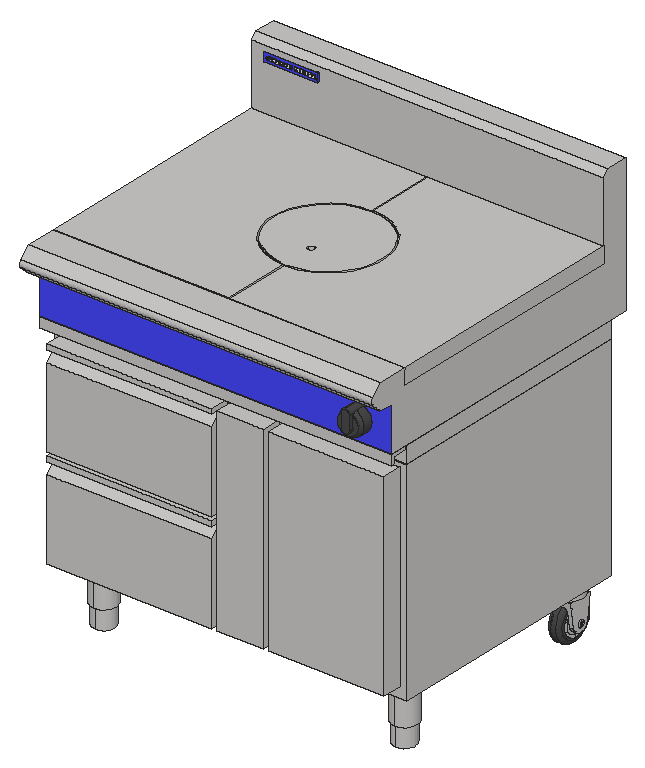
Revit family "QF_MOFFAT_BLUESEAL_CE_G57-RB", category Specialty Equipment, Revit 2012
Parameters
  Width = 900 mm
  Weight in Pounds = 489
  Watts = Volts * FL Amps  # 414 W
  Volts = 230 V
  URL Cutsheet = "www.moffat.com"
  URL = "www.moffat.com"
  Type Mark [instance] = ""
  Status [instance] = ""
  Specification by User [instance] = ""
  Specification by Manufacturer = ""
  Show Logo [instance] = yes
  Show Clearance [instance] = yes
  Show Casters [instance] = yes
  Serial Number = ""
  Seismic Rating = ""
  SMACNA No = ""
  Revision Code [instance] = ""
  Phase = 1
  Omniclass Number and Title = ""
  Number of Poles [instance] = 1
  NAFEM Spec ID Number = ""
  Model = "G57-RB"
  Min Ckt Ampacity = 0 A
  Mechanical Remarks = ""
  Mechanical Connection Type [instance] = ""
  Max Overcurrent Protection = 0 A
  Masterspec = ""
  Manufacturer = "MOFFAT BLUESEAL"
  Legs [instance] = not(Show Casters)  # no
  Item Number [instance] = ""
  Installed By [instance] = ""
  Identify Quantity as Lot [instance] = yes
  Height = 1085 mm
  HP = ""
  Gas Size = 3/4"
  Gas RI Height [instance] = 0 mm
  Gas KW [instance] = 12.5
  Gas Input [instance] = 42651.0 Btu/h
  Gas Connection Height = 0 mm
  Furnished By [instance] = ""
  Foodservice Equipment Identifier [instance] = yes
  FL Amps = 1.8 A
  Electrical Remarks = ""
  Electric Connection Type = ""
  Elec Conn RI Height = 0 mm
  Elec Conn Connection Height = 0 mm
  Description = "900MM GAS TARGET TOP ON REFRIGERATED BASE"
  Depth = 812 mm
  Cycle = 50 Hz
  Conn Plug = ""
  Conn Conduit = yes
  CSI MasterFormat = ""
  CSI Master Format = ""
  Apparent Power = 0 VA
Reference planes
  plane 1 "BACK": y = 0
  plane 2: z = 0
  plane 3 "LEFT": x = 0
  plane 4 "RIGHT": x = 900
  plane 5 "FRONT": y = -812
  plane 6 "TOP": z = 970
  plane 7 "Center Y": x = 450
  plane 8 "Center X": y = -406
  plane 9: x = 280
  plane 10: y = -574.272
  plane 11: x = 60
  plane 12: y = -304.972
  plane 13: y = -364.972
  plane 14: x = 74
  plane 15: x = 834.5
  plane 16: y = -32
  plane 17: z = 655
  plane 18: z = 1085
Forms (mm)
  Extrusion 1, solid, material "QF_Finishes_Stainless Steel"
    sketch origin (0, 0, 0) x (0, 1, 0) y (0, 0, 1)
      loop
        line (0, 1085) -> (-57, 1085) -> (-70, 1072) -> (-70, 875) -> (-705, 875) -> (-705, 915) -> (-783.97, 915) -> (-808.503, 890.467)
        arc (-808.503, 890.467) -> (-812.01, 882) -> (-808.503, 873.533) r 11.974
        line (-808.503, 873.533) -> (-784.97, 850) -> (-749, 850) -> (-749, 736.219) -> (0, 736.219) -> (0, 1085)
      loop
        line (-699, 150) -> (-47, 150) -> (-47, 690.402) -> (-699, 690.402) -> (-699, 150)
      loop
        line (-749, 710) -> (-740.224, 710) -> (-742.613, 726.999) -> (-707.93, 726.999) -> (-707.93, 734.003) -> (-749, 734.003) -> (-749, 710)
      loop
        line (-699, 734.003) -> (-699, 691.402) -> (-47, 691.402) -> (-47, 734.003) -> (-699, 734.003)
    from 0 to 900
  Extrusion 2, solid, material "QF_Finishes_Stainless Steel"
    sketch origin (0, 0, 0) x (0, 1, 0) y (0, 0, 1)
      loop
        line (-70, 915) -> (-705, 915) -> (-705, 875) -> (-70, 875) -> (-70, 915)
    from 0 to 900
  Revolve 3, solid, material "QF_Finishes_Black"
    sketch origin (824.351, 45.874, 0) x (0, 1, 0) y (0, 0, 1)
      loop
        line (-827.874, 829.5) -> (-838.874, 823.651) -> (-838.874, 797) -> (-794.874, 797) -> (-794.874, 802) -> (-804.874, 802) -> (-804.874, 829.5) -> (-827.874, 829.5)
      axis (-838.874, 797) -> (-794.874, 797)
    angle from 0 to 360
  Extrusion 4, solid, material "QF_Finishes_Black"
    sketch origin (676.544, 7, 0) x (1, 0, 0) y (0, 0, 1)
      loop
        line (158.3, 789) -> (158.3, 824)
        arc (158.3, 824) -> (148.3, 834) -> (138.3, 824) r 10
        line (138.3, 824) -> (138.3, 789)
        arc (138.3, 789) -> (148.3, 779) -> (158.3, 789) r 10
    from 759 to 808
  Extrusion 5, void
    sketch origin (0, -72.734, 915) x (1, 0, 0) y (0, -1, 0)
      loop
        line (447.967, 173.281) -> (447.967, -2.734) -> (452.2, -2.734) -> (452.2, 173.283)
        arc (452.2, 173.283) -> (592.5, 315.967) -> (451.798, 458.255) r 142.5
        line (451.798, 458.255) -> (451.798, 632.266) -> (447.7, 632.266) -> (447.7, 458.248)
        arc (447.7, 458.248) -> (307.5, 315.632) -> (447.967, 173.281) r 142.5
      loop
        circle (450, 315.766) r 138
      loop
        circle (450, 370.766) r 8.75
    from 0 to 10
  Revolve 6, solid, material "QF_Finishes_Stainless Steel"
    sketch origin (834.5, -696.126, 0) x (0, 1, 0) y (0, 0, -1)
      loop
        line (39.376, -150) -> (71.126, -150) -> (71.126, 0) -> (43.626, 0) -> (43.626, -50) -> (39.376, -50) -> (39.376, -150)
      axis (71.126, -150) -> (71.126, 0)
    angle from 0 to 360
  Revolve 7, solid, material "QF_Finishes_Stainless Steel"
    sketch origin (65.5, -696.126, 0) x (0, 1, 0) y (0, 0, 1)
      loop
        line (39.376, 150) -> (39.376, 50) -> (43.626, 50) -> (43.626, 0) -> (71.126, 0) -> (71.126, 150) -> (39.376, 150)
      axis (71.126, 150) -> (71.126, 0)
    angle from 0 to 360
  Extrusion 8, solid, material "QF_Finishes_Stainless Steel"
    sketch origin (-64.5, 0, 325) x (1, 0, 0) y (0, 1, 0)
      loop
        circle (834.5, -32) r 10
    from 330 to 411.219
  Extrusion 9, solid, material "QF_Finishes_Stainless Steel", visible <- "Show Casters"
    sketch origin (71.501, 133.353, -8.783) x (0, 1, 0) y (0, 0, 1)
      loop
        line (-201.603, 118.783) -> (-265.103, 118.783) -> (-252.746, 53.895)
        arc (-252.746, 53.895) -> (-233.353, 38.783) -> (-213.959, 53.895) r 20
        line (-213.959, 53.895) -> (-201.603, 118.783)
    from -35.667 to 22.923
  Revolve 10, solid, material "QF_Finishes_Stainless Steel", visible <- "Show Casters"
    sketch origin (65, -203, 0) x (0, 1, 0) y (0, 0, 1)
      loop
        line (67.25, 150) -> (67.25, 110) -> (103, 110) -> (103, 150) -> (67.25, 150)
      axis (103, 150) -> (103, 110)
    angle from 0 to 360
  Revolve 11, solid, material "QF_Finishes_Stainless Steel", visible <- "Show Casters"
    sketch origin (834.5, -203, 0) x (0, 1, 0) y (0, 0, -1)
      loop
        line (67.25, -150) -> (103, -150) -> (103, -110) -> (67.25, -110) -> (67.25, -150)
      axis (103, -150) -> (103, -110)
    angle from 0 to 360
  Revolve 12, solid, material "QF_Finishes_Stainless Steel", visible <- "Show Casters"
    sketch origin (785.276, -99.755, -13.653) x (1, 0, 0) y (0, 0, 1)
      loop
        line (14.841, 64.453) -> (83.584, 64.453) -> (83.584, 67.958) -> (82.314, 69.228) -> (80.79, 69.228) -> (80.79, 72.674) -> (68.644, 72.674) -> (68.644, 82.639) -> (65.088, 84.692) -> (63.738, 93.028) -> (65.881, 93.028) -> (65.881, 99.378) -> (65.088, 99.378) -> (65.088, 105.728)
        arc (65.088, 105.728) -> (62.298, 112.463) -> (55.563, 115.253) r 9.525
        line (55.563, 115.253) -> (42.863, 115.253)
        arc (42.863, 115.253) -> (36.127, 112.463) -> (33.338, 105.728) r 9.525
        line (33.338, 105.728) -> (33.338, 99.378) -> (32.544, 99.378) -> (32.544, 93.028) -> (34.687, 93.028) -> (33.352, 84.781) -> (29.782, 82.719) -> (29.782, 72.674) -> (17.635, 72.674) -> (17.635, 69.228) -> (16.111, 69.228) -> (14.841, 67.958) -> (14.841, 64.453)
      axis (14.841, 64.453) -> (83.584, 64.453)
    angle from 0 to 360
  Extrusion 13, solid, material "QF_Finishes_Stainless Steel", visible <- "Show Casters"
    sketch origin (841.001, 133.353, -8.783) x (0, 1, 0) y (0, 0, 1)
      loop
        line (-201.603, 118.783) -> (-265.103, 118.783) -> (-252.746, 53.895)
        arc (-252.746, 53.895) -> (-233.353, 38.783) -> (-213.959, 53.895) r 20
        line (-213.959, 53.895) -> (-201.603, 118.783)
    from -35.667 to 22.923
  Revolve 14, solid, material "QF_Finishes_Stainless Steel", visible <- "Legs"
    sketch origin (65, -165, 0) x (0, 1, 0) y (0, 0, 1)
      loop
        line (33.25, 150) -> (33.25, 50) -> (37.5, 50) -> (37.5, 0) -> (65, 0) -> (65, 150) -> (33.25, 150)
      axis (65, 150) -> (65, 0)
    angle from 0 to 360
  Revolve 15, solid, material "QF_Finishes_Stainless Steel", visible <- "Legs"
    sketch origin (834.5, -165, 0) x (0, 1, 0) y (0, 0, -1)
      loop
        line (33.25, -150) -> (65, -150) -> (65, 0) -> (37.5, 0) -> (37.5, -50) -> (33.25, -50) -> (33.25, -150)
      axis (65, -150) -> (65, 0)
    angle from 0 to 360
  Revolve 16, solid, material "QF_Finishes_Stainless Steel", visible <- "Show Casters"
    sketch origin (114.224, -99.755, -13.653) x (-1, 0, 0) y (0, 0, -1)
      loop
        line (14.841, -64.453) -> (14.841, -67.958) -> (16.111, -69.228) -> (17.635, -69.228) -> (17.635, -72.674) -> (29.782, -72.674) -> (29.782, -82.719) -> (33.352, -84.781) -> (34.687, -93.028) -> (32.544, -93.028) -> (32.544, -99.378) -> (33.338, -99.378) -> (33.338, -105.728)
        arc (33.338, -105.728) -> (36.127, -112.463) -> (42.863, -115.253) r 9.525
        line (42.863, -115.253) -> (55.563, -115.253)
        arc (55.563, -115.253) -> (62.298, -112.463) -> (65.088, -105.728) r 9.525
        line (65.088, -105.728) -> (65.088, -99.378) -> (65.881, -99.378) -> (65.881, -93.028) -> (63.738, -93.028) -> (65.088, -84.692) -> (68.644, -82.639) -> (68.644, -72.674) -> (80.79, -72.674) -> (80.79, -69.228) -> (82.314, -69.228) -> (83.584, -67.958) -> (83.584, -64.453) -> (14.841, -64.453)
      axis (14.841, -64.453) -> (83.584, -64.453)
    angle from 0 to 360
  Extrusion 17, solid, material "QF_Finishes_Stainless Steel"
    sketch origin (0, -47, 150) x (0, 0, 1) y (1, 0, 0)
      loop
        circle (270, 526) r 6.35
    from 0 to 1.6
  Extrusion 18, solid, material "QF_Finishes_Stainless Steel"
    sketch origin (0, 0, 0) x (0, 1, 0) y (0, 0, 1)
      loop
        line (-699, 678) -> (-747, 678) -> (-747, 665) -> (-715.13, 665) -> (-749, 636.579) -> (-749, 431) -> (-699, 431) -> (-699, 678)
      loop
        line (-749, 175) -> (-699, 175) -> (-699, 421) -> (-747, 421) -> (-747, 408) -> (-715.13, 408) -> (-749, 379.579) -> (-749, 175)
    from 17.986 to 440
  Extrusion 19, solid, material "QF_Finishes_Stainless Steel"
    sketch origin (723.5, 0, 0) x (0, 1, 0) y (0, 0, 1)
      loop
        line (-699, 678) -> (-749, 678) -> (-749, 175) -> (-699, 175) -> (-699, 678)
    from -270.5 to -150.5
  Extrusion 20, solid, material "QF_Door-Drawer Clearances", visible <- "Show Clearance", detail levels coarse
    sketch origin (0, -749, 676) x (0, 0, -1) y (1, 0, 0)
      loop
        line (501, 440) -> (255, 440) -> (255, 17.986) -> (501, 17.986) -> (501, 440)
      loop
        line (245, 440) -> (-2, 440) -> (-2, 17.986) -> (245, 17.986) -> (245, 440)
    from 0 to 304.8
  Extrusion 21, solid, material "QF_Finishes_Stainless Steel"
    sketch origin (1031.5, 0, 0) x (0, 1, 0) y (0, 0, 1)
      loop
        line (-699, 678) -> (-749, 678) -> (-749, 175) -> (-699, 175) -> (-699, 678)
    from -444.5 to -150.5
Cuts and joins
  Extrusion 5 cuts Extrusion 1
  Extrusion 5 cuts Extrusion 2
Lines and regions (mm)
  Split face 1
    outline origin (900, 0, 1085) x (-1, 0, 0) y (0, -1, 0)
      loop
        arc (856, 18.185) -> (864.66, 23.185) -> (864.66, 33.185) r 10
        line (864.66, 33.185) -> (860.619, 40.185)
        arc (860.619, 40.185) -> (856.959, 43.846) -> (851.959, 45.185) r 10
        line (851.959, 45.185) -> (624, 45.185)
        arc (624, 45.185) -> (615.34, 40.185) -> (615.34, 30.185) r 10
        line (615.34, 30.185) -> (619.381, 23.185)
        arc (619.381, 23.185) -> (623.041, 19.525) -> (628.041, 18.185) r 10
        line (628.041, 18.185) -> (856, 18.185)
  Split face 2
    outline origin (900, 0, 1085) x (-1, 0, 0) y (0, -1, 0)
      loop
        arc (566, 18.185) -> (574.66, 23.185) -> (574.66, 33.185) r 10
        line (574.66, 33.185) -> (570.619, 40.185)
        arc (570.619, 40.185) -> (566.959, 43.846) -> (561.959, 45.185) r 10
        line (561.959, 45.185) -> (334, 45.185)
        arc (334, 45.185) -> (325.34, 40.185) -> (325.34, 30.185) r 10
        line (325.34, 30.185) -> (329.381, 23.185)
        arc (329.381, 23.185) -> (333.041, 19.525) -> (338.041, 18.185) r 10
        line (338.041, 18.185) -> (566, 18.185)
  Split face 3
    outline origin (900, 0, 1085) x (-1, 0, 0) y (0, -1, 0)
      loop
        arc (276, 18.185) -> (284.66, 23.185) -> (284.66, 33.185) r 10
        line (284.66, 33.185) -> (280.619, 40.185)
        arc (280.619, 40.185) -> (276.959, 43.846) -> (271.959, 45.185) r 10
        line (271.959, 45.185) -> (44, 45.185)
        arc (44, 45.185) -> (35.34, 40.185) -> (35.34, 30.185) r 10
        line (35.34, 30.185) -> (39.381, 23.185)
        arc (39.381, 23.185) -> (43.041, 19.525) -> (48.041, 18.185) r 10
        line (48.041, 18.185) -> (276, 18.185)
  Split face 4
    outline origin (1031.5, -749, 676) x (0, 0, -1) y (1, 0, 0)
      loop
        line (291.62, -416.534) -> (481.62, -416.534) -> (481.62, -181.534) -> (291.62, -181.534) -> (291.62, -416.534)
  Split face 5
    outline origin (1031.5, -749, 931) x (0, 0, -1) y (1, 0, 0)
      loop
        line (291.62, -416.534) -> (356.62, -416.534) -> (356.62, -181.534) -> (291.62, -181.534) -> (291.62, -416.534)
  Split face 6
    outline origin (1031.5, -749, 807.725) x (0, 0, -1) y (1, 0, 0)
      loop
        line (307.841, -274.649) -> (342.841, -274.649) -> (342.841, -219.649) -> (307.841, -219.649) -> (307.841, -274.649)
  Split face 7
    outline origin (939.097, -749, 808.536) x (0, 0, -1) y (1, 0, 0)
      loop
        line (307.841, -274.649) -> (342.841, -274.649) -> (342.841, -239.649) -> (307.841, -239.649) -> (307.841, -274.649)
  symbolic lines
    curve 1: line (0, 0, 0) -> (0, -812, 0)
    curve 2: line (900, 0, 0) -> (0, 0, 0)
    curve 3: line (900, -812, 0) -> (900, 0, 0)
    curve 4: line (0, -70, 0) -> (900, -70, 0)
    curve 5: line (900, -812, 0) -> (0, -812, 0)
    curve 6: line (447.967, -72.734, 0) -> (447.967, -246.014, 0)
    curve 7: line (452.2, -246.017, 0) -> (452.2, -72.734, 0)
    curve 8: line (451.798, -705, 0) -> (451.798, -530.989, 0)
    curve 9: line (447.7, -530.981, 0) -> (447.7, -705, 0)
    curve 10: line (900, -72.734, 0) -> (0, -72.734, 0)
    curve 11: line (0, -705, 0) -> (900, -705, 0)
    curve 12: arc (452.2, -246.017, 0) -> (592.5, -388.701, 0) -> (451.798, -530.989, 0) r 142.5
    curve 13: arc (447.7, -530.981, 0) -> (307.5, -388.366, 0) -> (447.967, -246.014, 0) r 142.5
    curve 14: circle (450, -388.5, 0) r 138 normal (0, 0, 1)
    curve 15: arc (458.75, -443.5, 0) -> (450, -452.25, 0) -> (441.25, -443.5, 0) r 8.75
    curve 16: arc (441.25, -443.5, 0) -> (450, -434.75, 0) -> (458.75, -443.5, 0) r 8.75
    curve 17: line (900, -57, 0) -> (0, -57, 0)
    curve 18: line (276, -45.185, 0) -> (48.041, -45.185, 0)
    curve 19: arc (48.041, -45.185, 0) -> (43.041, -43.846, 0) -> (39.381, -40.185, 0) r 10
    curve 20: line (39.381, -40.185, 0) -> (35.34, -33.185, 0)
    curve 21: arc (35.34, -33.185, 0) -> (35.34, -23.185, 0) -> (44, -18.185, 0) r 10
    curve 22: line (44, -18.185, 0) -> (271.959, -18.185, 0)
    curve 23: arc (271.959, -18.185, 0) -> (276.959, -19.525, 0) -> (280.619, -23.185, 0) r 10
    curve 24: line (280.619, -23.185, 0) -> (284.66, -30.185, 0)
    curve 25: arc (284.66, -30.185, 0) -> (284.66, -40.185, 0) -> (276, -45.185, 0) r 10
    curve 26: line (566, -45.185, 0) -> (338.041, -45.185, 0)
    curve 27: arc (338.041, -45.185, 0) -> (333.041, -43.846, 0) -> (329.381, -40.185, 0) r 10
    curve 28: line (329.381, -40.185, 0) -> (325.34, -33.185, 0)
    curve 29: arc (325.34, -33.185, 0) -> (325.34, -23.185, 0) -> (334, -18.185, 0) r 10
    curve 30: line (334, -18.185, 0) -> (561.959, -18.185, 0)
    curve 31: arc (561.959, -18.185, 0) -> (566.959, -19.525, 0) -> (570.619, -23.185, 0) r 10
    curve 32: line (570.619, -23.185, 0) -> (574.66, -30.185, 0)
    curve 33: arc (574.66, -30.185, 0) -> (574.66, -40.185, 0) -> (566, -45.185, 0) r 10
    curve 34: line (856, -45.185, 0) -> (628.041, -45.185, 0)
    curve 35: arc (628.041, -45.185, 0) -> (623.041, -43.846, 0) -> (619.381, -40.185, 0) r 10
    curve 36: line (619.381, -40.185, 0) -> (615.34, -33.185, 0)
    curve 37: arc (615.34, -33.185, 0) -> (615.34, -23.185, 0) -> (624, -18.185, 0) r 10
    curve 38: line (624, -18.185, 0) -> (851.959, -18.185, 0)
    curve 39: arc (851.959, -18.185, 0) -> (856.959, -19.525, 0) -> (860.619, -23.185, 0) r 10
    curve 40: line (860.619, -23.185, 0) -> (864.66, -30.185, 0)
    curve 41: arc (864.66, -30.185, 0) -> (864.66, -40.185, 0) -> (856, -45.185, 0) r 10
    curve 42: line (0, -783.97, 0) -> (900, -783.97, 0)
  symbolic lines, style "QF_Door-Drawer Clearances"
    curve 43: line (0, -1053.8, 0) -> (0, -812, 0)
    curve 44: line (440, -812, 0) -> (440, -1053.8, 0)
    curve 45: line (440, -1053.8, 0) -> (0, -1053.8, 0)
Dimensions and locks
  equal spacing: plane 3 "LEFT", plane 7 "Center Y", plane 4 "RIGHT"
  "Width": plane 3 "LEFT" to plane 4 "RIGHT"
  equal spacing: plane 5 "FRONT", plane 8 "Center X", plane 1 "BACK"
  "Depth": plane 5 "FRONT" to plane 1 "BACK"
  equal spacing: plane 4 "RIGHT", plane 7 "Center Y", plane 3 "LEFT"
  plane 4 "RIGHT" to plane 3 "LEFT" = 900 mm
  plane 5 "FRONT" to plane 1 "BACK" = 812 mm
  plane 10 to plane 1 "BACK" = 574.272 mm
  plane 12 to plane 1 "BACK" = 304.972 mm  (x2)
  plane 11 to plane 3 "LEFT" = 60 mm
  plane 14 to plane 3 "LEFT" = 74 mm
  plane 9 to plane 3 "LEFT" = 280 mm
  plane 6 "TOP" to plane 2 = 970 mm
  plane 17 to level = 655 mm
  Revolve 12 sketch curve to Revolve 12 sketch curve = 50.8 mm
  Revolve 16 sketch curve to Revolve 16 sketch curve = 50.8 mm
  plane 18 to level = 1085 mm  (x2)
  Extrusion 17 sketch curve to plane 4 "RIGHT" = 374 mm
  level to Extrusion 17 sketch curve = 420 mm
  aligned and locked: level to plane 2
  aligned and locked: curve 3 to plane 4 "RIGHT"
  aligned and locked: Extrusion 1 to Extrusion 2  (x2)
Automatic sketch dimensions
  Extrusion 2 sketch curve to plane 5 "FRONT" = 107 mm
  Extrusion 2 sketch curve to plane 16 = 38 mm
  plane 17 to Extrusion 2 sketch curve = 220 mm
  Extrusion 2 sketch curve to Extrusion 2 sketch curve = 40 mm
  Revolve 3 sketch curve to plane 5 "FRONT" = 19 mm
  Revolve 3 sketch curve to Revolve 3 sketch curve = 0 mm  (x2)
  Revolve 3 sketch curve to Revolve 3 sketch curve = 11 mm
  Revolve 3 sketch curve to Revolve 3 sketch curve = 12.7 mm
  Revolve 3 sketch curve to Revolve 3 sketch curve = 23 mm
  Revolve 3 sketch curve to Revolve 3 sketch curve = 10 mm
  plane 17 to Revolve 3 sketch curve = 142 mm
  Revolve 3 sketch curve to Revolve 3 sketch curve = 5 mm
  Revolve 3 sketch curve to Revolve 3 sketch curve = 26.651 mm
  Revolve 3 sketch curve to Revolve 3 sketch curve = 5.849 mm
  Extrusion 4 sketch curve to plane 15 = 19.656 mm
  Extrusion 4 sketch curve to plane 15 = 9.656 mm
  plane 17 to Extrusion 4 sketch curve = 134 mm
  Extrusion 4 sketch curve to Extrusion 4 sketch curve = 35 mm
  Extrusion 8 sketch curve to plane 16 = 0 mm
  Revolve 7 sketch curve to level = 0 mm
  Revolve 7 sketch curve to Revolve 7 sketch curve = 4.25 mm
  Revolve 7 sketch curve to Revolve 7 sketch curve = 27.5 mm
  Revolve 7 sketch curve to plane 10 = 50.728 mm  (x2)
  Revolve 7 sketch curve to level = 55 mm
  Revolve 7 sketch curve to Revolve 7 sketch curve = 50 mm
  Revolve 7 sketch curve to Revolve 7 sketch curve = 0 mm
  Revolve 7 sketch curve to Revolve 7 sketch curve = 100 mm
  Revolve 6 sketch curve to level = 0 mm
  Revolve 6 sketch curve to Revolve 6 sketch curve = 4.25 mm
  Revolve 6 sketch curve to Revolve 6 sketch curve = 27.5 mm
  Revolve 6 sketch curve to plane 10 = 50.728 mm  (x2)
  level to Revolve 6 sketch curve = 50 mm
  Revolve 6 sketch curve to Revolve 6 sketch curve = 0 mm
  Revolve 6 sketch curve to Revolve 6 sketch curve = 55 mm
  Extrusion 5 sketch curve to Extrusion 5 sketch curve = 0 mm  (x4)
  Extrusion 5 sketch curve to Extrusion 2 = 0 mm
  Extrusion 2 to Extrusion 5 sketch curve = 0 mm
  Extrusion 2 to Extrusion 5 sketch curve = 174.019 mm
  Extrusion 2 to Extrusion 5 sketch curve = 447.7 mm
  Extrusion 5 sketch curve to Extrusion 5 sketch curve = 4.098 mm
  Extrusion 5 sketch curve to Extrusion 5 sketch curve = 4.232 mm
  Extrusion 5 sketch curve to Extrusion 5 sketch curve = 0.007 mm
  Extrusion 5 sketch curve to Extrusion 5 sketch curve = 4.481 mm
  Extrusion 5 sketch curve to Extrusion 5 sketch curve = 138 mm
  Extrusion 2 to Extrusion 5 sketch curve = 447.967 mm
  Extrusion 5 sketch curve to Extrusion 5 sketch curve = 2.3 mm
  Extrusion 8 sketch curve to plane 15 = 64.5 mm
  cut or joined group of Extrusion 1, Extrusion 5 to Split face 1 sketch curve = 26.815 mm
  Split face 1 sketch curve to cut or joined group of Extrusion 1, Extrusion 5 = 284.66 mm
  Split face 1 sketch curve to Split face 1 sketch curve = 4.041 mm  (x4)
  Split face 1 sketch curve to Split face 1 sketch curve = 8.66 mm  (x2)
  cut or joined group of Extrusion 1, Extrusion 5 to Split face 1 sketch curve = 11.815 mm
  Split face 1 sketch curve to cut or joined group of Extrusion 1, Extrusion 5 = 48.041 mm
  Split face 1 sketch curve to Split face 1 sketch curve = 7 mm  (x3)
  Split face 1 sketch curve to Split face 1 sketch curve = 17 mm
  cut or joined group of Extrusion 1, Extrusion 5 to Split face 2 sketch curve = 26.815 mm
  Split face 2 sketch curve to cut or joined group of Extrusion 1, Extrusion 5 = 325.34 mm
  Split face 2 sketch curve to Split face 2 sketch curve = 4.041 mm  (x4)
  Split face 2 sketch curve to Split face 2 sketch curve = 8.66 mm  (x2)
  cut or joined group of Extrusion 1, Extrusion 5 to Split face 2 sketch curve = 11.815 mm
  Split face 2 sketch curve to Split face 2 sketch curve = 223.917 mm
  Split face 2 sketch curve to Split face 2 sketch curve = 7 mm  (x3)
  Split face 2 sketch curve to Split face 2 sketch curve = 17 mm
  Split face 3 sketch curve to cut or joined group of Extrusion 1, Extrusion 5 = 35.34 mm
  Split face 3 sketch curve to Split face 3 sketch curve = 4.041 mm  (x4)
  Split face 3 sketch curve to Split face 3 sketch curve = 8.66 mm  (x2)
  cut or joined group of Extrusion 1, Extrusion 5 to Split face 3 sketch curve = 11.815 mm
  Split face 3 sketch curve to Split face 3 sketch curve = 223.917 mm
  Split face 3 sketch curve to Split face 3 sketch curve = 5 mm
  Split face 3 sketch curve to Split face 3 sketch curve = 10 mm
  Split face 3 sketch curve to Split face 3 sketch curve = 7 mm  (x3)
  Extrusion 9 sketch curve to plane 16 = 99.75 mm
  Extrusion 9 sketch curve to Extrusion 9 sketch curve = 12.357 mm
  Extrusion 9 sketch curve to Extrusion 9 sketch curve = 19.393 mm  (x2)
  level to Extrusion 9 sketch curve = 45.111 mm
  Extrusion 9 sketch curve to plane 16 = 36.25 mm
  Extrusion 9 sketch curve to Extrusion 9 sketch curve = 4.889 mm
  Extrusion 9 sketch curve to Extrusion 9 sketch curve = 64.889 mm
  Revolve 10 sketch curve to plane 16 = 103.75 mm
  Revolve 10 sketch curve to plane 16 = 68 mm
  Revolve 10 sketch curve to Revolve 10 sketch curve = 35.75 mm
  Revolve 10 sketch curve to level = 55 mm
  level to Revolve 10 sketch curve = 50 mm
  Revolve 10 sketch curve to Revolve 10 sketch curve = 60 mm
  Revolve 10 sketch curve to Revolve 10 sketch curve = 40 mm
  Revolve 11 sketch curve to plane 16 = 103.75 mm
  Revolve 11 sketch curve to plane 16 = 68 mm
  Revolve 11 sketch curve to Revolve 11 sketch curve = 35.75 mm
  level to Revolve 11 sketch curve = 150 mm
  Revolve 11 sketch curve to Revolve 11 sketch curve = 40 mm
  level to Revolve 11 sketch curve = 50 mm
  Revolve 11 sketch curve to level = 55 mm
  Revolve 12 sketch curve to plane 15 = 34.382 mm
  Revolve 12 sketch curve to Revolve 12 sketch curve = 1.27 mm  (x4)
  Revolve 12 sketch curve to Revolve 12 sketch curve = 1.524 mm  (x2)
  Revolve 12 sketch curve to Revolve 12 sketch curve = 12.146 mm  (x2)
  Revolve 12 sketch curve to plane 15 = 16.68 mm
  Revolve 12 sketch curve to Revolve 12 sketch curve = 0.794 mm  (x2)
  Revolve 12 sketch curve to Revolve 12 sketch curve = 3.57 mm
  Revolve 12 sketch curve to Revolve 12 sketch curve = 2.143 mm
  Revolve 12 sketch curve to plane 15 = 6.361 mm
  plane 15 to Revolve 12 sketch curve = 5.13 mm
  plane 15 to Revolve 12 sketch curve = 6.339 mm
  plane 15 to Revolve 12 sketch curve = 14.515 mm
  Revolve 12 sketch curve to Revolve 12 sketch curve = 1.349 mm  (x2)
  Revolve 12 sketch curve to Revolve 12 sketch curve = 3.556 mm
  Revolve 12 sketch curve to plane 4 "RIGHT" = 2.18 mm
  level to Revolve 12 sketch curve = 50.8 mm
  Revolve 12 sketch curve to Revolve 12 sketch curve = 0 mm
  Revolve 12 sketch curve to Revolve 12 sketch curve = 3.505 mm  (x2)
  Revolve 12 sketch curve to Revolve 12 sketch curve = 3.447 mm  (x2)
  Revolve 12 sketch curve to Revolve 12 sketch curve = 9.964 mm
  Revolve 12 sketch curve to Revolve 12 sketch curve = 10.045 mm
  Revolve 12 sketch curve to Revolve 12 sketch curve = 2.053 mm
  Revolve 12 sketch curve to Revolve 12 sketch curve = 2.061 mm
  Revolve 12 sketch curve to Revolve 12 sketch curve = 8.247 mm
  Revolve 12 sketch curve to Revolve 12 sketch curve = 8.336 mm
  Revolve 12 sketch curve to Revolve 12 sketch curve = 6.35 mm  (x2)
  Extrusion 13 sketch curve to plane 16 = 99.75 mm
  Extrusion 13 sketch curve to Extrusion 13 sketch curve = 12.357 mm
  Extrusion 13 sketch curve to Extrusion 13 sketch curve = 19.393 mm  (x2)
  level to Extrusion 13 sketch curve = 45.111 mm
  Extrusion 13 sketch curve to plane 16 = 36.25 mm
  Extrusion 13 sketch curve to Extrusion 13 sketch curve = 4.889 mm
  Extrusion 13 sketch curve to Extrusion 13 sketch curve = 64.889 mm
  Revolve 14 sketch curve to level = 0 mm
  Revolve 14 sketch curve to plane 16 = 99.75 mm
  Revolve 14 sketch curve to Revolve 14 sketch curve = 4.25 mm
  Revolve 14 sketch curve to Revolve 14 sketch curve = 27.5 mm  (x2)
  Revolve 14 sketch curve to level = 55 mm
  Revolve 14 sketch curve to Revolve 14 sketch curve = 50 mm
  Revolve 14 sketch curve to Revolve 14 sketch curve = 0 mm
  Revolve 14 sketch curve to Revolve 14 sketch curve = 100 mm
  Revolve 15 sketch curve to level = 0 mm
  Revolve 15 sketch curve to plane 16 = 99.75 mm
  Revolve 15 sketch curve to Revolve 15 sketch curve = 4.25 mm
  Revolve 15 sketch curve to Revolve 15 sketch curve = 27.5 mm  (x2)
  level to Revolve 15 sketch curve = 50 mm
  Revolve 15 sketch curve to Revolve 15 sketch curve = 0 mm
  Revolve 15 sketch curve to Revolve 15 sketch curve = 100 mm
  Revolve 15 sketch curve to Revolve 15 sketch curve = 55 mm
  plane 14 to Revolve 16 sketch curve = 25.382 mm
  Revolve 16 sketch curve to Revolve 16 sketch curve = 1.27 mm  (x4)
  Revolve 16 sketch curve to Revolve 16 sketch curve = 1.524 mm  (x2)
  plane 14 to Revolve 16 sketch curve = 10.442 mm
  plane 14 to Revolve 16 sketch curve = 7.68 mm
  Revolve 16 sketch curve to Revolve 16 sketch curve = 0.794 mm  (x2)
  Revolve 16 sketch curve to Revolve 16 sketch curve = 3.57 mm
  Revolve 16 sketch curve to Revolve 16 sketch curve = 2.143 mm
  Revolve 16 sketch curve to plane 14 = 2.639 mm
  Revolve 16 sketch curve to plane 11 = 0.13 mm
  Revolve 16 sketch curve to plane 11 = 1.339 mm
  Revolve 16 sketch curve to plane 11 = 9.515 mm
  Revolve 16 sketch curve to Revolve 16 sketch curve = 1.349 mm  (x2)
  Revolve 16 sketch curve to Revolve 16 sketch curve = 3.556 mm
  Revolve 16 sketch curve to Revolve 16 sketch curve = 12.146 mm
  Revolve 16 sketch curve to plane 3 "LEFT" = 2.68 mm
  level to Revolve 16 sketch curve = 101.6 mm
  Revolve 16 sketch curve to Revolve 16 sketch curve = 6.35 mm  (x4)
  Revolve 16 sketch curve to Revolve 16 sketch curve = 8.247 mm
  Revolve 16 sketch curve to Revolve 16 sketch curve = 8.336 mm
  Revolve 16 sketch curve to Revolve 16 sketch curve = 2.061 mm
  Revolve 16 sketch curve to Revolve 16 sketch curve = 2.053 mm
  Revolve 16 sketch curve to Revolve 16 sketch curve = 10.045 mm
  Revolve 16 sketch curve to Revolve 16 sketch curve = 9.964 mm
  Revolve 16 sketch curve to Revolve 16 sketch curve = 3.447 mm  (x2)
  Revolve 16 sketch curve to Revolve 16 sketch curve = 3.505 mm
  Revolve 6 sketch curve to Revolve 6 sketch curve = 100 mm
  plane 18 to Extrusion 1 sketch curve = 0 mm
  Extrusion 1 sketch curve to plane 1 "BACK" = 0 mm
  Extrusion 1 sketch curve to plane 16 = 25 mm
  plane 18 to Extrusion 1 sketch curve = 13 mm
  Extrusion 1 sketch curve to Extrusion 1 sketch curve = 13 mm
  Extrusion 1 sketch curve to plane 5 "FRONT" = 107 mm
  Extrusion 1 sketch curve to Extrusion 1 sketch curve = 8.93 mm
  Extrusion 1 sketch curve to Extrusion 1 sketch curve = 32.294 mm
  Extrusion 1 sketch curve to Extrusion 1 sketch curve = 2.389 mm
  Extrusion 1 sketch curve to Extrusion 1 sketch curve = 8.776 mm
  Extrusion 1 sketch curve to Extrusion 1 sketch curve = 0 mm  (x2)
  Extrusion 1 sketch curve to plane 5 "FRONT" = 28.03 mm
  Extrusion 1 sketch curve to plane 5 "FRONT" = 27.03 mm
  Extrusion 1 sketch curve to plane 5 "FRONT" = 11.964 mm
  Extrusion 1 sketch curve to plane 5 "FRONT" = 3.497 mm  (x2)
  level to Extrusion 1 sketch curve = 150 mm
  Extrusion 1 sketch curve to Extrusion 1 sketch curve = 1 mm
  Extrusion 1 sketch curve to Extrusion 1 sketch curve = 18.598 mm
  Extrusion 1 sketch curve to Extrusion 1 sketch curve = 16.999 mm
  Extrusion 1 sketch curve to Extrusion 1 sketch curve = 7.004 mm
  Extrusion 1 sketch curve to Extrusion 1 sketch curve = 23.533 mm
  Extrusion 1 sketch curve to Extrusion 1 sketch curve = 25 mm
  Extrusion 1 sketch curve to Extrusion 1 sketch curve = 8.467 mm
  Extrusion 1 sketch curve to Extrusion 1 sketch curve = 24.533 mm
  Extrusion 1 sketch curve to Extrusion 1 sketch curve = 2.216 mm  (x2)
  Extrusion 1 sketch curve to plane 5 "FRONT" = 63 mm
  Extrusion 1 sketch curve to Extrusion 1 sketch curve = 113.781 mm
  plane 1 "BACK" to Extrusion 1 sketch curve = 47 mm  (x2)
  plane 17 to Extrusion 1 sketch curve = 35.402 mm
  curve 12 to curve 13 = 0 mm  (x2)
  curve 12 to curve 14 = 0 mm  (x2)
  plane 1 "BACK" to curve 1 = 0 mm
  curve 1 to plane 3 "LEFT" = 0 mm
  plane 5 "FRONT" to curve 44 = 0 mm
  curve 13 to plane 7 "Center Y" = 0 mm
  curve 15 to plane 7 "Center Y" = 0 mm
  curve 20 to plane 16 = 1.185 mm
  curve 20 to plane 11 = 24.66 mm
  curve 21 to curve 19 = 4.041 mm
  curve 21 to plane 11 = 16 mm
  curve 19 to curve 19 = 8.66 mm
  curve 23 to plane 9 = 8.041 mm
  curve 25 to plane 9 = 4 mm
  plane 9 to curve 23 = 0.619 mm
  plane 16 to curve 25 = 1.815 mm
  plane 9 to curve 25 = 4.66 mm
  curve 29 to plane 16 = 1.185 mm
  curve 24 to curve 29 = 40.679 mm
  curve 29 to curve 27 = 4.041 mm
  plane 16 to curve 29 = 3.815 mm
  curve 28 to curve 29 = 8.66 mm
  curve 27 to curve 27 = 8.66 mm
  curve 44 to plane 7 "Center Y" = 10 mm
  curve 16 to plane 7 "Center Y" = 8.75 mm
  curve 9 to plane 7 "Center Y" = 2.3 mm
  curve 13 to plane 7 "Center Y" = 2.033 mm
  plane 7 "Center Y" to curve 8 = 1.798 mm
  plane 7 "Center Y" to curve 7 = 2.2 mm
  plane 7 "Center Y" to curve 31 = 111.959 mm
  curve 31 to curve 33 = 4.041 mm
  plane 16 to curve 32 = 8.815 mm
  curve 31 to curve 32 = 8.66 mm
  plane 16 to curve 32 = 1.815 mm
  curve 32 to curve 32 = 4.041 mm
  curve 37 to plane 16 = 1.185 mm
  curve 32 to curve 37 = 40.679 mm
  curve 36 to curve 35 = 4.041 mm
  curve 36 to curve 37 = 8.66 mm
  curve 35 to curve 34 = 8.66 mm
  plane 15 to curve 39 = 17.459 mm
  curve 39 to curve 41 = 4.041 mm  (x2)
  plane 16 to curve 40 = 8.815 mm
  curve 39 to curve 40 = 8.66 mm
  plane 16 to curve 41 = 1.815 mm
  curve 44 to curve 44 = 241.8 mm
  curve 42 to plane 5 "FRONT" = 28.03 mm
  curve 42 to curve 11 = 78.97 mm
  plane 10 to curve 8 = 43.284 mm
  curve 12 to curve 13 = 0.007 mm
  curve 16 to plane 8 "Center X" = 37.5 mm
  plane 8 "Center X" to curve 12 = 17.5 mm
  curve 10 to plane 16 = 40.734 mm
  curve 10 to curve 4 = 2.734 mm
  curve 4 to curve 17 = 13 mm
  curve 26 to plane 16 = 13.185 mm
  curve 19 to plane 16 = 13.185 mm
  curve 34 to plane 16 = 13.185 mm
  curve 28 to curve 29 = 7 mm
  curve 36 to curve 36 = 7 mm
  curve 19 to curve 21 = 7 mm
  plane 16 to curve 37 = 3.815 mm
  plane 16 to curve 21 = 3.815 mm
  plane 16 to curve 23 = 3.815 mm
  Extrusion 18 sketch curve to plane 17 = 18.421 mm
  Extrusion 18 sketch curve to plane 5 "FRONT" = 63 mm  (x2)
  Extrusion 18 sketch curve to Extrusion 18 sketch curve = 2 mm  (x2)
  plane 17 to Extrusion 18 sketch curve = 10 mm
  Extrusion 18 sketch curve to Extrusion 18 sketch curve = 31.87 mm  (x2)
  Extrusion 18 sketch curve to Extrusion 18 sketch curve = 50 mm
  Extrusion 18 sketch curve to Extrusion 18 sketch curve = 0 mm
  Extrusion 18 sketch curve to Extrusion 18 sketch curve = 205.579 mm
  Extrusion 18 sketch curve to Extrusion 18 sketch curve = 10 mm
  Extrusion 18 sketch curve to Extrusion 18 sketch curve = 13 mm  (x2)
  Extrusion 18 sketch curve to Extrusion 18 sketch curve = 28.421 mm
  level to Extrusion 18 sketch curve = 175 mm
  Extrusion 19 sketch curve to plane 5 "FRONT" = 63 mm
  Extrusion 19 sketch curve to Extrusion 19 sketch curve = 50 mm
  level to Extrusion 19 sketch curve = 175 mm
  plane 17 to Extrusion 19 sketch curve = 23 mm
  Extrusion 20 sketch curve to Extrusion 18 = 0 mm  (x3)
  Extrusion 18 to Extrusion 20 sketch curve = 0 mm  (x2)
  Extrusion 18 to Extrusion 20 sketch curve = 41.421 mm
  Extrusion 18 to Extrusion 20 sketch curve = 10 mm
  Extrusion 20 sketch curve to Extrusion 20 sketch curve = 246 mm
  Extrusion 21 sketch curve to plane 5 "FRONT" = 63 mm
  Extrusion 21 sketch curve to Extrusion 21 sketch curve = 50 mm
  level to Extrusion 21 sketch curve = 175 mm
  plane 17 to Extrusion 21 sketch curve = 23 mm
  Split face 4 sketch curve to Extrusion 21 = 31.034 mm
  Split face 4 sketch curve to Extrusion 21 = 209.38 mm
  Split face 4 sketch curve to Extrusion 21 = 19.38 mm
  Split face 4 sketch curve to Extrusion 21 = 27.966 mm
  Split face 5 sketch curve to Extrusion 21 = 38.62 mm
  Split face 5 sketch curve to Extrusion 21 = 27.966 mm
  Split face 5 sketch curve to Split face 5 sketch curve = 65 mm
  Split face 5 sketch curve to Extrusion 21 = 31.034 mm
  Split face 6 sketch curve to Extrusion 21 = 69.149 mm
  Split face 6 sketch curve to Extrusion 21 = 178.116 mm
  Split face 6 sketch curve to Split face 6 sketch curve = 35 mm
  Split face 6 sketch curve to Split face 6 sketch curve = 55 mm
  Split face 7 sketch curve to Extrusion 21 = 177.305 mm
  Split face 7 sketch curve to Split face 7 sketch curve = 35 mm  (x2)
  Split face 7 sketch curve to Extrusion 21 = 77.448 mm
  radius of Extrusion 8 sketch curve = 10 mm
  radius of curve 14 = 138 mm
  radius of Extrusion 17 sketch curve = 6.35 mm
Nested families
  nested 1: "WALDORF LOGO_FACE BASE" at (32, -70, 1055.959) x (1, 0, 0) z (0, -1, 0), visible <- "Show Logo", type "WALDORF LOGO_FACE BASE", detail levels medium+fine
    with Show Logo yes
Connectors
  piping at (770, -32, 655)
    settings: on Extrusion 8, index 4, connector radius 0.37402", flow factor 0, pipe flow 0 GPM, pressure drop 0.00 psi, fitting loss kfactor 0, connector angle 0.00°, fixture units 0, engagement length 0 mm, flow configuration 1, flow direction 1, fitting loss method 0, system type 7, joint type 0, gender type 0, connector reference index -1, connector utility 0, adjustable connector no, is connector primary yes, fitting loss table "", connector description "GAS CONNECTION"
  electrical at (526, -45.4, 420), driven by "Volts", driven by "Watts"
    settings: on Extrusion 17, index 5, voltage 230 V, apparent load 414 VA, apparent load phase1 0 VA, apparent load phase2 0 VA, apparent load phase3 0 VA, power factor 1, load classification "Other", number of poles 1, system type 30, power factor state 1, is connector primary yes, connector utility no, sub classification motor no, connector description "ELECTRICAL CONNECTION"
Definition of nested family "WALDORF LOGO_FACE BASE"
  Parameters (values of type "WALDORF LOGO_FACE BASE")
    Show Logo [instance] = yes
    Default Elevation = 1219.2 mm
  Reference planes
    plane 1 "Center (Front/Back)": y = 0
    plane 2: z = 0
    plane 3 "Center (Left/Right)": x = 0
  Forms (mm)
    Extrusion 1, solid
      sketch origin (0, 0, 0) x (1, 0, 0) y (0, 1, 0)
        loop
          line (-1219.2, 1219.2) -> (-1219.2, -1219.2) -> (1219.2, -1219.2) -> (1219.2, 1219.2) -> (-1219.2, 1219.2)
      from 0 to -304.8
    Extrusion 2, solid, material "QF_Finishes_Blue", visible <- "Show Logo"
      sketch origin (0, -33.217, 0) x (1, 0, 0) y (0, 1, 0)
        loop
          arc (138, 31.942) -> (137.626, 32.844) -> (136.724, 33.217) r 1.276
          line (136.724, 33.217) -> (1.29, 33.217)
          arc (1.29, 33.217) -> (0.378, 32.839) -> (0, 31.927) r 1.29
          line (0, 31.927) -> (0, 11.507)
          arc (0, 11.507) -> (0.378, 10.595) -> (1.29, 10.217) r 1.29
          line (1.29, 10.217) -> (136.71, 10.217)
          arc (136.71, 10.217) -> (137.622, 10.595) -> (138, 11.507) r 1.29
          line (138, 11.507) -> (138, 31.942)
      from 0 to 1.588
    Extrusion 3, solid, material "QF_Finishes_White", visible <- "Show Logo"
      sketch origin (0, -33.217, 1.588) x (1, 0, 0) y (0, 1, 0)
        loop
          arc (108.946, 25.919) -> (107.613, 25.367) -> (107.061, 24.034) r 1.885
          line (107.061, 24.034) -> (107.061, 17.211) -> (112.704, 17.211) -> (112.704, 19.129) -> (115.546, 19.129) -> (115.546, 17.211) -> (121.584, 17.211) -> (121.584, 24.075)
          arc (121.584, 24.075) -> (121.043, 25.379) -> (119.739, 25.919) r 1.845
          line (119.739, 25.919) -> (108.946, 25.919)
        loop
          line (123.478, 25.919) -> (123.478, 17.163) -> (134.904, 17.163) -> (134.904, 19.129) -> (129.246, 19.129) -> (129.246, 25.919) -> (123.478, 25.919)
        loop
          line (112.704, 21.258) -> (115.546, 21.258) -> (115.546, 22.702)
          arc (115.546, 22.702) -> (115.344, 23.188) -> (114.858, 23.389) r 0.687
          line (114.858, 23.389) -> (113.363, 23.389)
          arc (113.363, 23.389) -> (112.897, 23.196) -> (112.704, 22.73) r 0.658
          line (112.704, 22.73) -> (112.704, 21.258)
        loop
          line (105.071, 25.919) -> (93.771, 25.919) -> (93.771, 17.163) -> (105.071, 17.163) -> (105.071, 19.063) -> (99.535, 19.063) -> (99.535, 20.437) -> (105.071, 20.437) -> (105.071, 22.278) -> (99.535, 22.278) -> (99.535, 23.587) -> (105.071, 23.587) -> (105.071, 25.919)
        loop
          line (91.104, 25.919) -> (79.541, 25.919)
          arc (79.541, 25.919) -> (78.558, 25.513) -> (78.152, 24.53) r 1.389
          line (78.152, 24.53) -> (78.152, 22.08)
          arc (78.152, 22.08) -> (78.558, 21.098) -> (79.541, 20.691) r 1.389
          line (79.541, 20.691) -> (86.346, 20.691) -> (86.346, 18.864) -> (83.266, 18.864) -> (83.266, 19.664) -> (78.152, 19.664) -> (78.152, 18.553)
          arc (78.152, 18.553) -> (78.558, 17.57) -> (79.541, 17.163) r 1.389
          line (79.541, 17.163) -> (91.063, 17.163)
          arc (91.063, 17.163) -> (92.045, 17.57) -> (92.452, 18.553) r 1.389
          line (92.452, 18.553) -> (92.452, 20.691)
          arc (92.452, 20.691) -> (92.045, 21.673) -> (91.063, 22.08) r 1.389
          line (91.063, 22.08) -> (83.266, 22.08) -> (83.266, 23.984) -> (86.346, 23.984) -> (86.346, 22.743) -> (92.452, 22.743) -> (92.452, 24.571)
          arc (92.452, 24.571) -> (92.057, 25.524) -> (91.104, 25.919) r 1.348
        loop
          line (70.705, 25.919) -> (59.405, 25.919) -> (59.405, 17.163) -> (70.705, 17.163) -> (70.705, 19.063) -> (65.169, 19.063) -> (65.169, 20.437) -> (70.705, 20.437) -> (70.705, 22.278) -> (65.169, 22.278) -> (65.169, 23.587) -> (70.705, 23.587) -> (70.705, 25.919)
        loop
          line (57.598, 25.919) -> (51.7, 25.919) -> (51.7, 20.18)
          arc (51.7, 20.18) -> (50.63, 19.11) -> (49.56, 20.18) r 1.07
          line (49.56, 20.18) -> (49.56, 25.919) -> (43.663, 25.919) -> (43.663, 19.049)
          arc (43.663, 19.049) -> (44.215, 17.716) -> (45.548, 17.163) r 1.885
          line (45.548, 17.163) -> (55.71, 17.163)
          arc (55.71, 17.163) -> (57.045, 17.716) -> (57.598, 19.051) r 1.887
          line (57.598, 19.051) -> (57.598, 25.919)
        loop
          line (31.62, 25.919) -> (31.62, 17.163) -> (43.046, 17.163) -> (43.046, 19.129) -> (37.388, 19.129) -> (37.388, 25.919) -> (31.62, 25.919)
        loop
          line (15.969, 25.919) -> (15.969, 17.163) -> (28.693, 17.163)
          arc (28.693, 17.163) -> (29.812, 17.627) -> (30.276, 18.746) r 1.582
          line (30.276, 18.746) -> (30.276, 20.447) -> (29.48, 21.243) -> (30.276, 22.039) -> (30.276, 24.332)
          arc (30.276, 24.332) -> (29.811, 25.454) -> (28.688, 25.919) r 1.587
          line (28.688, 25.919) -> (15.969, 25.919)
        loop
          line (21.449, 24.159) -> (21.449, 22.436) -> (23.862, 22.436)
          arc (23.862, 22.436) -> (24.723, 23.298) -> (23.862, 24.159) r 0.861
          line (23.862, 24.159) -> (21.449, 24.159)
        loop
          line (21.449, 20.244) -> (21.449, 18.522) -> (23.862, 18.522)
          arc (23.862, 18.522) -> (24.723, 19.383) -> (23.862, 20.244) r 0.861
          line (23.862, 20.244) -> (21.449, 20.244)
      from 0 to 0.2
    Extrusion 4, solid, material "QF_Finishes_Blue", visible <- "Show Logo"
      sketch origin (-126.498, -31.09, 1.588) x (1, 0, 0) y (0, 1, 0)
        loop
          line (136.738, 23.522) -> (136.738, 15.1)
          arc (136.738, 15.1) -> (140.756, 19.311) -> (136.738, 23.522) r 4.216
      from 0 to 0.2
    Extrusion 5, solid, material "QF_Finishes_Red", visible <- "Show Logo"
      sketch origin (146.849, -31.09, 1.588) x (-1, 0, 0) y (0, -1, 0)
        loop
          arc (136.738, -23.522) -> (140.756, -19.311) -> (136.738, -15.1) r 4.216
          line (136.738, -15.1) -> (136.738, -23.522)
      from 0 to 0.2
  Lines and regions (mm)
    Split face 1
      outline origin (-90.35, -30.793, 1.588) x (1, 0, 0) y (0, 1, 0)
        loop
          circle (100.54, 19.013) r 4.536
  Dimensions and locks
    aligned and locked: plane 2 to Extrusion 1
    aligned and locked: level to Extrusion 1
